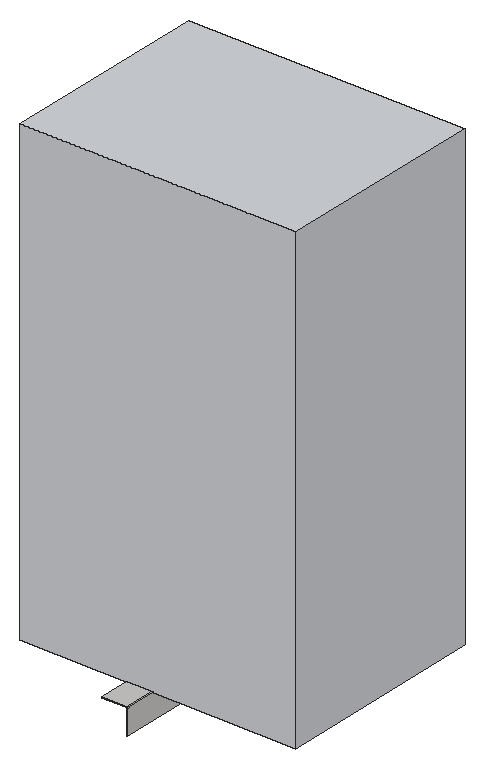
Revit family
Parameters
  Warranty Duration (Years) = 0
  Unit Width [instance] = 1' - 8 177/256"
  Unit Height [instance] = 4' - 0"
  Unit Depth = 0' - 0"
  URL = "http://www.americanspecialties.com/viewCategories.cfm"
  Trim Material = none
  Test Data = ""
  Specification = "http://www.arcat.com/sdspecs/htm/10810asi.htm"
  SpecWizard = ""
  Send Message = "http://www.arcat.com/users.pl?action=UserEmail&company=American%20Specialties,%20Inc.&coid=30448&rep=139&fax=914-476-0688&mf="
  Sales Information = "http://www.americanspecialties.com/contact"
  Revision = "R1_10-2010"
  Product Properties = "http://www.americanspecialties.com/datasheets/0533-48.pdf"
  Product Data = "http://www.arcat.com/arcatcos/cos30/arc30448.html"
  Model = "As Specified in 10 28 13"
  Manufacturer Website = "http://www.americanspecialties.com/viewCategories.cfm"
  Manufacturer Phone - Toll Free = ""
  Manufacturer Phone = "914-476-9000 "
  Manufacturer Fax = "914-476-0688"
  Manufacturer Address = "441 Saw Mill River Rd., Yonkers, NY 10701"
  Manufacturer = "American Specialties, Inc."
  Maintenance Schedule (Months) = 0
  Keynote = "10 28 13"
  Installation-Fabrication = "http://www.americanspecialties.com/products.cfm"
  Green Building-LEED = ""
  Expected Lifespan (Years) = 0
  Drawn By = "Robert S. Weygant. CSI, CDT, SCIP"  # constant formula
  Description = "Toilet Accessory as Specified in 10 28 13"
  Default Elevation = 4' - 0"
  Copyright = "©Arcat Inc."
  Construction Details = "http://www.arcat.com/green/clients/leed_data_30448.html"
  Building Codes = "http://www.americanspecialties.com/products.cfm"
  Body Material = Metal - Stainless Steel
  Assembly Code = "C1030210"
Reference planes (in)
  plane 1 "Center (Front/Back)": y = 0.82787
  plane 2 "Floor Line": z = 0
  plane 3 "Center (Left/Right)": x = -0.65843
  plane 4: z = 72
  plane 5: x = -11.00414
  plane 6: x = 9.68727
  plane 7: z = 48
  plane 8: z = 96
  plane 9: y = 24.82787
  plane 10: y = -23.17213
Forms (in)
  Extrusion 1, solid
    sketch origin (-3, -9, -6) x (0, 0, -1) y (1, 0, 0)
      loop
        line (-82, 26) -> (-82, -19.34712) -> (-6, -19.34712) -> (-6, 26) -> (-82, 26)
    from 9 to -25.60721
  Extrusion 2, solid, material "Metal - Stainless Steel" <- "Body Material"
    sketch origin (-1.31687, 0.82787, 0) x (-1, 0, 0) y (0, 0, -1)
      loop
        line (-0.78343, 4.13671) -> (-0.78343, 0.01171)
        arc (-0.78343, 0.01171) -> (-0.74682, -0.07668) -> (-0.65843, -0.11329) r 0.125
        line (-0.65843, -0.11329) -> (3.41374, -0.11329) -> (3.41374, 0) -> (-0.53343, 0)
        arc (-0.53343, 0) -> (-0.62182, 0.03661) -> (-0.65843, 0.125) r 0.125
        line (-0.65843, 0.125) -> (-0.65843, 4.13671) -> (-0.78343, 4.13671)
    from -24 to 24
Dimensions and locks (in)
  equal spacing: plane 8, plane 4, plane 7
  equal spacing: plane 6, plane 3 "Center (Left/Right)", plane 5
  "Unit Width": plane 6 to plane 5
  "Unit Height": plane 8 to plane 7
  "Default Elevation": plane 7 to plane 2 "Floor Line"
  "Unit Height": plane 9 to plane 10
  equal spacing: plane 9, plane 1 "Center (Front/Back)", plane 10
  aligned and locked: Extrusion 1 to level
  aligned and locked: plane 9 to Extrusion 2
  aligned and locked: Extrusion 2 to plane 10
Automatic sketch dimensions
  Extrusion 1 sketch curve to Extrusion 1 sketch curve = 6' - 4"
  Extrusion 1 sketch curve to Extrusion 1 sketch curve = 3' - 9.34712"
  Extrusion 2 sketch curve to plane 3 "Center (Left/Right)" = 0' - 0"  (x2)
  level to Extrusion 2 sketch curve = 0' - 0 29/256"
  Extrusion 2 sketch curve to Extrusion 2 sketch curve = 0' - 0 1/8"
  Extrusion 2 sketch curve to plane 3 "Center (Left/Right)" = 0' - 0 1/8"
  Extrusion 2 sketch curve to Extrusion 2 sketch curve = 0' - 3.94717"
  Extrusion 2 sketch curve to level = 0' - 0"
  Extrusion 2 sketch curve to Extrusion 2 sketch curve = 0' - 4 3/256"
